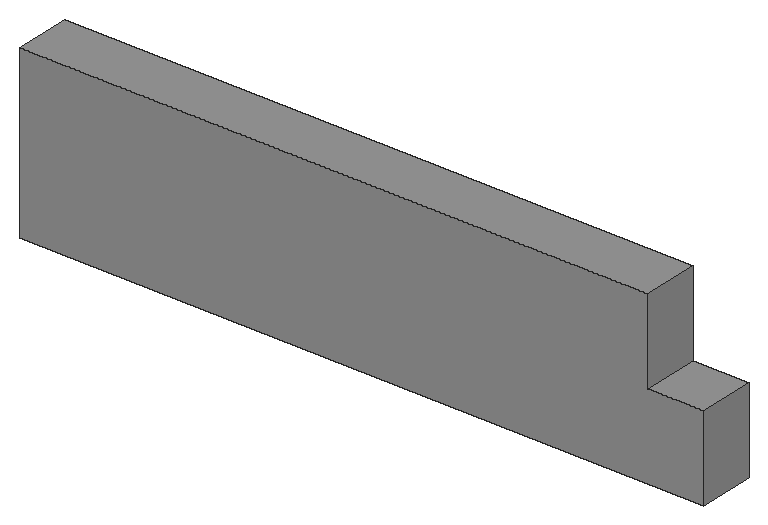
Revit family "4. Multicolor_PRecta_ESP", category Modelos genéricos, Revit 2015
Parameters (values of type "Stonepanel® SKY Multicolor. 15,2 cm - 61 cm")
  Ventajas de Stonepanel = "Eficaz: Instalación ágil y sencilla : 10 veces más rápido que la mampostería tradicional (Ritmo medio de colocación de 20 m2/día). Mayor rentabilidad gracias al menor desperdicio de material en obra y a la durabilidad de un producto natural frente a otros revestimientos. La colocación de los paneles no requiere mano de obra ni maquinaria especializada.\r\nSeguro: Un sistema de anclaje patentado, de acero inoxidable, que permite su instalación a más de 2 metros de altura. Base de cemento homogénea y rugosa que garantiza la adhesión y permite el corte sin desprendimiento.\r\nCalidad: Control permanente del proceso de producción desde la oficina I+D+I. Una cuidada selección de piedra natural realizada por los expertos de CUPASTONE. Disponibilidad de piezas especiales para adaptarse perfectamente a cada edificio: esquinas (macizas, rectas, dobles o para ventanas), cubremuros, y otros complementarios.\r\nEstética: Forma de “S” que evita la visión de las juntas para homogenizar el aspecto final. Gran variedad de paneles para elegir entre colores y acabados de piedra natural. La propia belleza y exclusividad de la piedra natural: Cada piedra es\r\núnica."
  Usos Indicados = "Revestimiento de Paredes exteriores e interiores en edificaciones nuevas o rehabilitaciones"
  Uniclass 2015 = "Pr_25_71_14_56 Natural stone panels"
  Uniclass 2 = "Pr_25_71_14_56 Natural stone panels"
  URL = "http://www.cupastone.es/producto/stonepanel-multicolor/"
  Sistema de anclaje = "Cinta perforada en acero inoxidable:\r\n- Naturaleza del acero: AISI 316 (1.4401) o AISI 304 (1.4301)\r\n- Espesor mínimo (mm) : 0,7\r\n- Ancho (mm) : 12 a 15\r\n- Diámetro del hueco (mm) : 6 ± 1\r\n\r\nTacos:\r\nLa elección de los tacos y clavijas de fijación debe ser realizada teniendo en cuenta la acción en depresión del viento (muros exteriores) y de la resistencia de los tacos en el soporte, en función de la naturaleza del soporte."
  Resistencia al fuego = "No combustible"
  Resistencia a la flexión = "-"
  Resistencia al hielo = "Sin alteraciones despues de 50 ciclos"
  Resistencia = "Buena resistencia"
  Peso = "6,5 kg"
  Oxidación = "No oxida"
  Otros datos de interés del producto = "Dispone de un anclaje para instalar a alturas superiores a 2 metros"
  Omniclass = "23-15 15 15 11"
  Número de serie = "SPZ-24A"
  NBS Reference = "45-25-45/380 Natural stone panels"
  Modelo = "Stonepanel® SKY Multicolor"
  Material = "Panel de pizarra marrón rojiza salpicada de tonalidades más oscuras y claras, una composición original para ambientes contemporáneos."
  Limpieza = "En general, los paneles no requieren mantenimiento y son auto- limpiantes, pero la eliminación de algunos tipos de marcas pueden requerir un tratamiento especializado.\r\nEn caso de suciedad anormal, la superficie puede limpiarse con una mezcla / detergente doméstico y agua caliente , aplicada con una almohadilla de limpieza adecuado o una esponja."
  Largo = 610 mm
  Impacto = "-"
  Imagen de tipo = <Ninguno>
  Formato = "610x152"
  Forma de suministro = "Los paneles se presentan en parejas, en un embalaje plástico o en cajas de cartón de 3 o 4 piezas."
  Forma = "Forma de \"s\""
  Fabricante = "Cupastone"
  Envejecimiento por cambio térmicos = "Sin alteraciones despues de 20 ciclos."
  Ensayos realizados por SINTEF = "Ensayo a los materiales de piedra, Ensayos a los paneles, Durabilidad y absorción de agua"
  Ensayos realizados por DIBt = "Adherencia entre piedra y mortero, Adherencia entre piedra y mortero tras 50 ciclos de hielo-deshielo"
  Ensayos realizados por BBA = "Resistencia a daños por heladicidad, Resistencia a choque térmico, Adherencia entre piedra y mortero, Resistencia al arrancamiento del anclaje, Resistencia a impacto"
  Ensayos realizados por Avis Technique = "Resistencia mecánica del anclaje, Resistencia mecánica de la cinta de seguridad, Ensayo de durabilidad tras la acción del agua, Ensayo de durabilidad tras la acción del hielo, Ensayo sísmico"
  Durabilidad = "Según el certificado BBA, el sistema tiene una vida de diseño superior a 30 años."
  Detalles constructivos = "Detalles de:\r\n- Instalación con perfil metálico\r\n- Instalación de Stonepanel\r\n- Instalación en muro interior\r\n- Instalación del elemento de seguridad (cinta perforada + tacos)\r\n- Esquinas entrantes\r\n- Esquinas salientes\r\n- Esquinas salientes pre-fabricadas\r\n- Esquinas salientes mediante serrado del panel\r\n- Esquinas salientes sin continuidad de Stonepanel (caso de una fachada lateral)\r\n- Bordes superiores\r\n- Sobre parapeto\r\n- Marco de vano"
  Desfase de altura = 0 mm
  Descripción = "Pieza de piedra natural montada sobre una base de cemento y reforzada con una malla de fibra de vidrio .\r\nPosee sistema de anclaje patentado, de acero inoxidable, que permite su instalación a más de 2 metros de altura"
  Densidad aparente = "79 kg/m2"
  Color secundario = "Gris"
  Color principal = "Marrón"
  Certificaciones = "BBA - Reino Unido, Avis Technique - Francia, DIBt - Alemania, SINTEF - Noruega"
  Aspecto = "Rústico"
  Ancho = 50 mm
  Alto = 152 mm
  Adherencia del mortero = ">1N/mm2"
  Acabado = "Natural"
  Absorción = "Baja absorción"
Types (2): name
  Stonepanel® SKY Multicolor
  Stonepanel® SKY Multicolor. 15,2 cm - 61 cm
Reference planes
  plane 1 "Muro": y = 0
  plane 2 "Centro (Izquierda/Derecha)": x = 125
  plane 3 "Posterior": y = 75
Forms (mm)
  Extrusion 1, solid, material "Stonepanel® SKY Multicolor"
    sketch origin (0, 160, 1120) x (1, 0, 0) y (0, 0, 1)
      loop
        line (125, -1120) -> (125, -1044) -> (75, -1044) -> (75, -968) -> (-485, -968) -> (-485, -1120) -> (125, -1120)
    from 35 to 85
Text (mm)
  text "Cara de colocación" at (-1848.837, 1116.779, 0), in view "Nivel de referencia"
  text "Cara de colocación" at (0, 1409.804, 2854.306), in view "Izquierda"
  text "Cara de colocación" at (0, 499.811, 2980.732), in view "Derecha"
Dimensions and locks
  locked: plane 3 "Posterior" to host wall
  locked: Extrusion 1 to plane 3 "Posterior" at 0
  "Ancho": Extrusion 1 to Extrusion 1
  "Largo": Extrusion 1 to Extrusion 1
  locked: Extrusion 1 to Extrusion 1 at 76
  "Desfase de altura": level to Extrusion 1
  locked: Extrusion 1 to Extrusion 1 at 50
  "Alto": Extrusion 1 to Extrusion 1
  aligned and locked: plane 1 "Muro" to host wall
Automatic sketch dimensions
  Extrusion 1 sketch curve to level = 0 mm
  Extrusion 1 sketch curve to plane 2 "Centro (Izquierda/Derecha)" = 0 mm
  Extrusion 1 sketch curve to plane 2 "Centro (Izquierda/Derecha)" = 50 mm
  level to Extrusion 1 sketch curve = 152 mm
  Extrusion 1 sketch curve to Extrusion 1 sketch curve = 560 mm
  level to Extrusion 1 sketch curve = 76 mm
